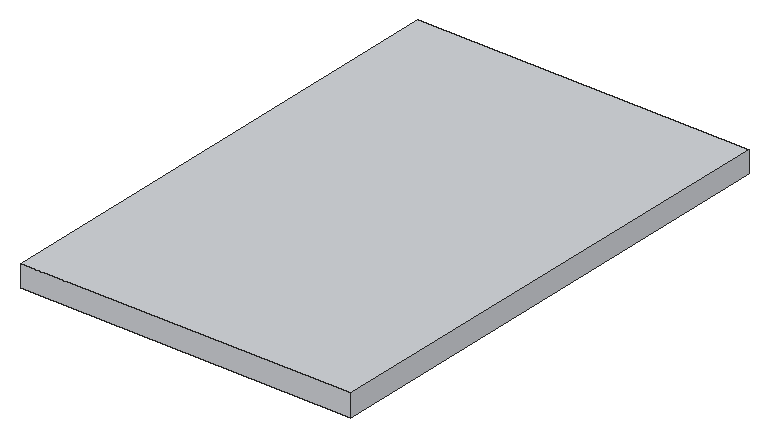
Revit family "CIRQUA-L-1Xxxx-SFx-FSW", category Oprawy oświetleniowe, Revit 2019
Family settings
  Obiekt nadrzędny = Powierzchnia
  Wymiar okrągłego złącza = Użyj średnicy
  Typ części = Normalny
  Numer OmniClass = 23.80.70.11
  Tytuł OmniClass = Luminaries for Internal Lighting
  Tnij formami wycięć po wczytaniu = Nie
  Źródło światła = Tak
  Współdzielony = Nie
  Punkt obliczania pomieszczeń = Nie
Parameters (values of type "CIRQUA-L 1X3800-840 SF-DA-FSW")
  width = 100 mm  # constant formula
  weight = "1,3 kg"  # constant formula
  voltage type (AC, DC, UC) = "AC"
  rated input power = 34
  product name = "CIRQUA-L 1X3800-840 SF-DA-FSW"
  nominal voltage = "230"
  nominal frequency = "50-60Hz"
  length = 310 mm  # constant formula
  ingress protection (IP) code = "IP20"
  height = 171 mm  # constant formula
  electrical safety class = "1"
  control gear = ""
  conformity mark = "CE"  # constant formula
  brand = "RIDI"
  approval mark = ""
  built-in parameter 1150104 = 13.8 (stored number, unit not read)
  Wattage = 26.1879 W
  Emituj ze średnicy okręgu = 76 mm  # constant formula
  Default Elevation = 0 mm
  built-in parameter 1150113 = 1 (stored number, unit not read)
  built-in parameter 1114218 = 1 (stored number, unit not read)
  URL = "www.ridi.de"
  built-in parameter 1150134 = 12
  built-in parameter 1150109 = 1 (stored number, unit not read)
  built-in parameter 1150110 = 1 (stored number, unit not read)
  Apparent Load = 34 VA
  Tilt Angle = 90.00°
  Model = "0331957AQ"
  built-in parameter 1114217 = 1 (stored number, unit not read)
  built-in parameter 1150139 = (empty or 0)
  built-in parameter 1150105 = 5343.7 (stored number, unit not read)
  built-in parameter 1150114 = 1 (stored number, unit not read)
  Lumens = 3890 lm
  built-in parameter 1150115 = 1 (stored number, unit not read)
  built-in parameter 1150112 = 1 (stored number, unit not read)
  Lampa = "LED"
  Producent = "RIDI Leuchten GmbH"  # constant formula
  Dimming Lamp Color Temperature Shift = (empty or 0)
  Color Filter = 16777215
  built-in parameter 1150133 = 10 (stored number, unit not read)
  Emit Shape Visible in Rendering = no
  built-in parameter 1150137 = (empty or 0)
  built-in parameter 1150132 = 2
  Plik sieci fotometrycznej = "CIRQUA-L 1x3200-840 SF.IES"
  Copyright = "© RIDI. All rights reserved."  # constant formula
  built-in parameter 1150106 = 53.437 (stored number, unit not read)
  Kod zespołu = "D5020200"
  built-in parameter 1150107 = 4000 (stored number, unit not read)
  built-in parameter 1150102 = (empty or 0)
  built-in parameter 1150138 = (empty or 0)
Types (10, lengths in mm): name | rated input power | product name | Wattage | built-in parameter 1150134 | Apparent Load | Model | built-in parameter 1150105 | Lumens | built-in parameter 1150106 | built-in parameter 1150107
  (no name) | 34 | "CIRQUA-L 1X3800-840 SF-DA-FSW" | 26.1879 W | 12 | 34 VA | "0331957AQ" | 5343.7 (stored number, unit not read) | 3890 lm | 53.437 (stored number, unit not read) | 4000 (stored number, unit not read)
  CIRQUA-L 1X3000-830 SF-FSW | 26 | "CIRQUA-L 1X3000-830 SF-FSW" | 20.7349 W | (empty or 0) | 26 VA | "0321965AQ" | 14227.9 (stored number, unit not read) | 3080 lm | 142.28 (stored number, unit not read) | 3000 (stored number, unit not read)
  CIRQUA-L 1X3600-830 SF-FSW | 34 | "CIRQUA-L 1X3600-830 SF-FSW" | 24.5722 W | (empty or 0) | 34 VA | "0321969AQ" | 5014 (stored number, unit not read) | 3650 lm | 50.14 (stored number, unit not read) | 3000 (stored number, unit not read)
  CIRQUA-L 1X3600-830 SF-DA-FSW | 34 | "CIRQUA-L 1X3600-830 SF-DA-FSW" | 24.5722 W | (empty or 0) | 34 VA | "0331969AQ" | 5014 (stored number, unit not read) | 3650 lm | 50.14 (stored number, unit not read) | 3000 (stored number, unit not read)
  CIRQUA-L 1X3200-840 SF-FSW | 26 | "CIRQUA-L 1X3200-840 SF-FSW" | 22.014 W | 12 | 26 VA | "0321953AQ" | 4492 (stored number, unit not read) | 3270 lm | 44.92 (stored number, unit not read) | 4000 (stored number, unit not read)
  CIRQUA-L 1X3800-840 SF-FSW | 34 | "CIRQUA-L 1X3800-840 SF-FSW" | 26.1879 W | 12 | 34 VA | "0321957AQ" | 5343.7 (stored number, unit not read) | 3890 lm | 53.437 (stored number, unit not read) | 4000 (stored number, unit not read)
  CIRQUA-L 1X3800-840 SF-DA-FSW | 34 | "CIRQUA-L 1X3800-840 SF-DA-FSW" | 26.1879 W | 12 | 34 VA | "0331957AQ" | 5343.7 (stored number, unit not read) | 3890 lm | 53.437 (stored number, unit not read) | 4000 (stored number, unit not read)
  CIRQUA-L 1X2600-930 SF-FSW | 26 | "CIRQUA-L 1X2600-930 SF-FSW" | 17.7728 W | (empty or 0) | 26 VA | "0321977AQ" | 3626.6 (stored number, unit not read) | 2640 lm | 36.266 (stored number, unit not read) | 3000 (stored number, unit not read)
  CIRQUA-L 1X3100-930 SF-FSW | 34 | "CIRQUA-L 1X3100-930 SF-FSW" | 21.1388 W | (empty or 0) | 34 VA | "0321981AQ" | 4313.4 (stored number, unit not read) | 3140 lm | 43.134 (stored number, unit not read) | 3000 (stored number, unit not read)
  CIRQUA-L 1X3100-930 SF-DA-FSW | 34 | "CIRQUA-L 1X3100-930 SF-DA-FSW" | 21.1388 W | (empty or 0) | 34 VA | "0331981AQ" | 4313.4 (stored number, unit not read) | 3140 lm | 43.134 (stored number, unit not read) | 3000 (stored number, unit not read)
Reference planes
  plane 1 "Mitte (Vorne/hinten)": y = 0
  plane 2: z = 24.176
  plane 3 "Mitte (Links/rechts)": x = 22
  plane 4: z = 0
Forms (mm)
  Extrusion 1, solid
    sketch origin (219.2, 280.8, 0) x (1, 0, 0) y (0, 1, 0)
      loop
        line (-1219.2, 1219.2) -> (-1219.2, -1780.8) -> (780.8, -1780.8) -> (780.8, 1219.2) -> (-1219.2, 1219.2)
    from 24.176 to -107.307
Dimensions and locks
  aligned and locked: plane 2 to Extrusion 1
Connectors
  electrical at (-103.767, 0, 25.176), driven by "Apparent Load"
    settings: on import instance, index 1, voltage 230 V, apparent load 0 VA, apparent load phase1 34 VA, apparent load phase2 0 VA, apparent load phase3 0 VA, power factor 1, load classification "Lighting", number of poles 1, system type 31, power factor state 1, is connector primary yes, connector utility no, sub classification motor no, connector description ""
